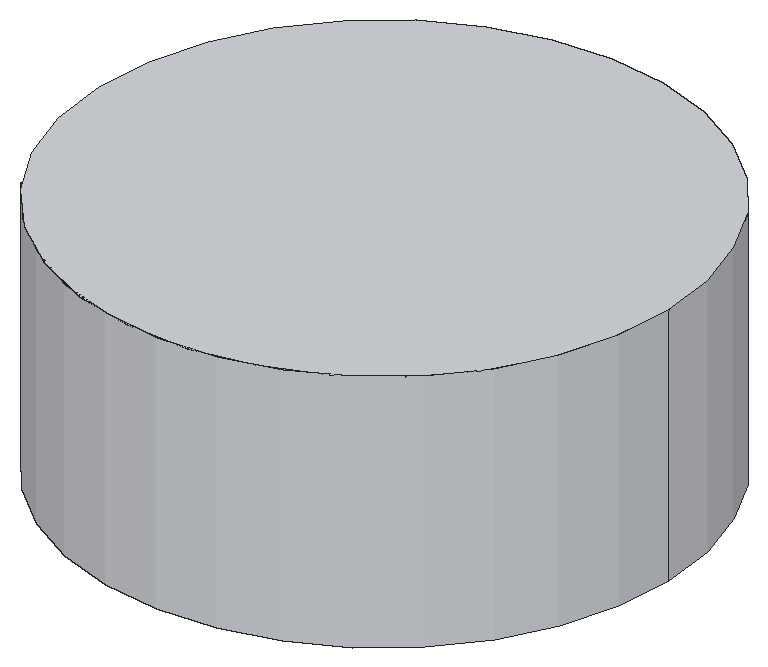
Revit family "JS005720___1CE", category Aparatos sanitarios, Revit 2019
Family settings
  Cota de conector redondo = Diámetro de uso
  Tipo de pieza = Normal
  Número OmniClass = 23.45.00.00
  Título OmniClass = Sanitary, Laundry, and Cleaning Equipment
  Se basa en plano de trabajo = No
  Siempre vertical = Sí
  Corte con vacíos al cargar = No
  Compartido = No
  Punto de cálculo de habitación = No
Parameters (values of type "LAVAMANOS CHELSEA CON PEDESTAL")
  _EDESA_Profundidad (cm) = "38.5\r\n38.5"
  _EDESA_Ancho (cm) = "46"
  _EDESA_Alto (cm) = "84.5"
  _EDESA_Contacto comercial = "(02) 395 2900"
  _EDESA_Tipo de instalación = "Sobre pedestal Sugerencia: Fijar con uñetas"
  _EDESA_Tipo = "variable"
  _EDESA_SKU = "JS005720___1CE"
  _BRIGGS_Revisado = "calidad.planos@edesa.com.ec"
  _EDESA_Productos necesarios para la instalación = "Grifería, Desagüe 1 1/4\", Sifón 1 1/4\", Tacos, pernos de sujección"
  _EDESA_Productos incluidos = "Uñetas plásticas"
  _EDESA_Nombre = "LAVAMANOS CHELSEA CON PEDESTAL"
  _EDESA_Materiales = "Cerámica Sanitaria"
  _EDESA_Marca = "EDESA"
  _EDESA_Manual de instalación = "https://www.edesa.com.ec/productos/instructivos/Sanitarios/Lavamanos_pedestal_Edesa.pdf"
  _EDESA_Garantía = "De por vida en funcionamiento y acabado de la cerámica sanitaria"
  _EDESA_Ficha técnica = "https://www.edesa.com.ec/productos/fichastecnicaspdf/Edesa/Lavamanos/Chelsea_con_pedestal.pdf"
  _EDESA_Distancia de instalacion = "Fijar con uñetas a 16 cm de separación"
  _EDESA_Descripcion = "Lavamanos con pedestal con perforaciones para grifería de 4\", llave sencilla y monomando. Incluye uñetas"
  _EDESA_Cumple normativa ADA = ""
  _EDESA_Consumo de agua = ""
  _EDESA_Consuma/Capacidad = "5.5 litros"
  _EDESA_Conexión hidráulica = "Entrada de agua: tubería ø 1/2\" Salida de agua: tubería PVC 50"
  _EDESA_Colores/Acabado = "blanco, bone, vison, azul galaxie, pink, navy blue, verde teal, cherry, negro, verde pistacho, orange, rojo"
  _EDESA_Certificación = "Cumple con norma NTE INEN 3082"
  _EDESA_Categoria = "Productos > Sanitarios > Lavamanos > Con Pedestal"
  _EDESA_Peso (Kg) = "16 kg"
  _BRIGGS_Autor BIM = "Ing. Edwin Cahuatijo"
  _BRIGGS_ BIM Manager = "http://www1.veraquintana.net/_sitevq/"
  Uniformat II Description = ""
  Omniclass Code = "23.45.00.00"
  Diámetro agua sanitaria = 50 mm
  Diámetro agua fría = 12.7 mm
Reference planes
  plane 1 "Centro (Frontal/Posterior)": y = 0
  plane 2: z = 0
  plane 3 "Centro (Izquierda/Derecha)": x = 0
Forms (mm)
  Extrusion 1, solid
    sketch origin (0, 0, 126) x (1, 0, 0) y (0, 1, 0)
      loop
        circle (151.428, 108.062) r 32.5
    from 506.765 to 534.52
Dimensions and locks
  aligned and locked: level to plane 2
Connectors
  piping at (156.261, 229.778, 850.936), diameter 12.7, driven by "Diámetro agua fría"
    settings: on import instance, index 1, connector inside diameter 609.6 mm, connector length 0 mm, flow factor 0, pipe flow 0.0 L/s, pressure drop 0.0 Pa, fitting loss kfactor 0, connector angle 0.00°, fixture units 0, engagement length 0 mm, angle of deflection 0.00°, flow configuration 0, flow direction 0, fitting loss method 0, system type 7, joint type 0, gender type 0, connector reference index -1, connector utility 0, adjustable connector no, is connector primary yes, connector description ""
  piping at (151.428, 108.062, 632.765), diameter 50, driven by "Diámetro agua sanitaria"
    settings: on Extrusion 1, index 2, connector inside diameter 609.6 mm, connector length 0 mm, flow factor 0, pipe flow 0.0 L/s, pressure drop 0.0 Pa, fitting loss kfactor 0, connector angle 0.00°, fixture units 0, engagement length 0 mm, angle of deflection 0.00°, flow configuration 0, flow direction 0, fitting loss method 0, system type 7, joint type 0, gender type 0, connector reference index -1, connector utility 0, adjustable connector no, is connector primary no, connector description ""
